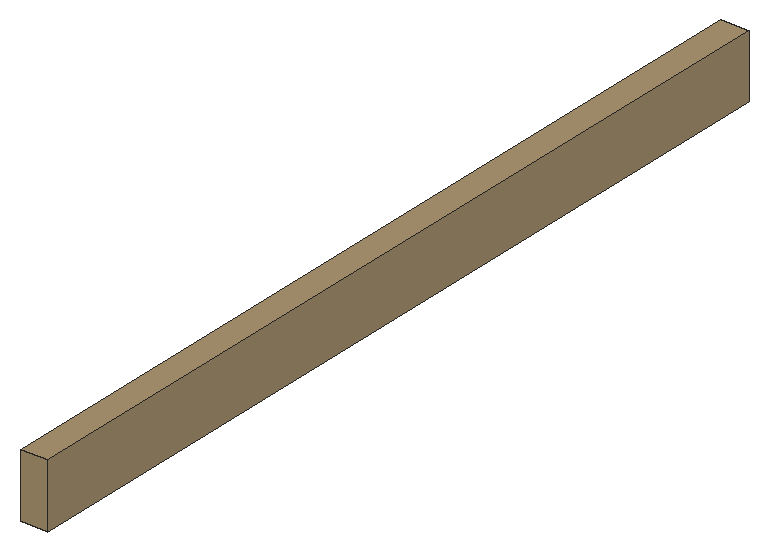
Revit family "R Wood Stud trim as necessary", category Generic Models, Revit 2016
Family settings
  Part Type = Normal
  Can host rebar = No
  Round Connector Dimension = Use Diameter
  Work Plane-Based = No
  Always vertical = Yes
  Cut with Voids When Loaded = No
  Shared = No
  Room Calculation Point = No
Parameters (values of type ".625 in Wide Sheating R")
  Width [instance] = 0' - 1 1/2"
  Height [instance] = 0' - 3 1/2"
  5/8" Gyp = 2X4 WOOD STUDS
  4' Width = 4' - 0"
Types (2): name | Width | Height | 5/8" Gyp
  .625 in Wide Sheating R | 0' - 1 1/2" | 0' - 3 1/2" | 2X4 WOOD STUDS
  .625 in Wide Sheating R 2 | 0' - 0 5/8" | 3' - 0" | none
Reference planes (in)
  plane 1 "Center (Front/Back)": y = 0
  plane 2: z = 0
  plane 3 "Center (Left/Right)": x = 0
Forms (in)
  Sweep 1, solid, material "2X4 WOOD STUDS" <- "5/8" Gyp"
    path origin (0, 0, 0) x (1, 0, 0) y (0, 1, 0)
      loop
        line (0, -24) -> (0, 24)
    profile origin (0, 0, 0) x (-1, 0, 0) y (0, 0, 1)
      loop
        line (0, 0) -> (1.5, 0) -> (1.5, 3.5) -> (0, 3.5) -> (0, 0)
Dimensions and locks (in)
  "4' Width": Sweep 1 sketch curve to Sweep 1 sketch curve
  "Width": Sweep 1 sketch curve to Sweep 1 sketch curve
  "Height": Sweep 1 sketch curve to Sweep 1 sketch curve
  aligned and locked: plane 2 to level
Automatic sketch dimensions
  Sweep 1 sketch curve to plane 3 "Center (Left/Right)" = 0' - 0"
  plane 1 "Center (Front/Back)" to Sweep 1 sketch curve = 2' - 0"
  Sweep 1 sketch curve to profile plane = 0' - 0"
  Sweep 1 sketch curve to level = 0' - 0"
